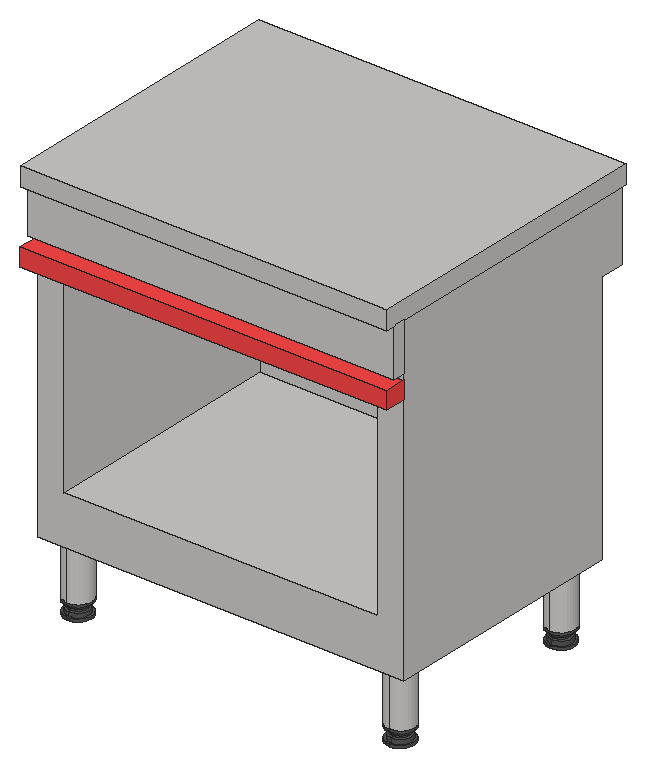
Revit family "ADB Storage cabinet CMA 800 P", category Equipement spécialisé, Revit 2022
Family settings
  Cote de connecteur circulaire = Utiliser le diamètre
  Type d'élément = Normal
  Numéro OmniClass = 23.40.40.14.17.11
  Titre OmniClass = Cookers, Ovens, Stoves
  Basée sur le plan de construction = Non
  Toujours verticalement = Oui
  Couper avec des vides une fois chargée = Non
  Conserver l'orientation des annotations = Non
  Partagée = Non
  Repère de localisation dans la pièce = Non
Parameters (values of type "CMA 800 P")
  URL Cutsheet = "https://www.ambassade-de-bourgogne.com/fr/produits/armoires/Resources/N27-CMA_800_P.pdf"
  URL = "https://www.ambassade-de-bourgogne.com/fr/produits/armoires/Resources/N27-CMA_800_P.pdf"
  Item Number = ""
  Specification by Manufacturer = ""
  Depth [instance] = 652 mm + if([Wall-spacer DSA 800], 50 mm, 0 mm) + if(Door Option CPM 800, 53 mm, 0 mm)  # 652 mm
  Door Option CPM 800 [instance] = no
  Weight [instance] = 69.00 kg + if([Wall-spacer DSA 800], 1.00 kg, 0.00 kg) + if(Door Option CPM 800, 10.00 kg, 0.00 kg)  # 69.00 kg
  Modèle = "CMA 800 P"
  Length [instance] = 800 mm  # constant formula
  Height [instance] = 900 mm + if([Wall-spacer DSA 800], 100 mm, 0 mm)  # 900 mm
  Fabricant = "Société Industrielle de Lacanche"  # constant formula
  Elévation par défaut = 0 mm
  Shelves ECH 808 [instance] = no
  Shelves ECH 804 [instance] = no
  Wall-spacer DSA 800 [instance] = no
  Dosseret [instance] = if([Wall-spacer DSA 800], 50 mm, 0 mm)  # 0 mm
  Description = "Storage cabinet"
  Connectors [instance] = yes
  Commentaires du type = "Ambassade range - Cupboards - Storage cabinet"
Reference planes
  plane 1 "Centre (avant/arrière)": y = 0
  plane 2: z = 0
  plane 3 "Centre (gauche/droite)": x = 0
  plane 4 "gauche": x = -400
  plane 5 "droite": x = 400
  plane 6 "fond de meuble": y = 325
  plane 7 "avant": y = -325
  plane 8 "arrière": y = 325
  plane 9: z = 900
  plane 10: x = 350
  plane 11: z = 810
  plane 12: y = -327
Forms (mm)
  Extrusion 1, solid, detail levels coarse
    sketch origin (0, 0, 0) x (1, 0, 0) y (0, 1, 0)
      loop
        line (-400, 325.033) -> (-400, -327) -> (400, -327) -> (400, 325.033) -> (-400, 325.033)
    from 0 to 900 <- "Height"
Dimensions and locks
  equal spacing: plane 5 "droite", plane 3 "Centre (gauche/droite)", plane 4 "gauche"
  "Length": plane 5 "droite" to plane 4 "gauche"
  plane 6 "fond de meuble" to plane 7 "avant" = 650 mm
  locked: plane 7 "avant" to plane 1 "Centre (avant/arrière)" at 325
  "Dosseret": plane 8 "arrière" to plane 6 "fond de meuble"
  "Height": plane 9 to plane 2
  plane 10 to plane 5 "droite" = 50 mm
  plane 2 to plane 11 = 810 mm
  "Depth": plane 8 "arrière" to plane 12
  aligned and locked: level to plane 2
  aligned and locked: plane 3 "Centre (gauche/droite)" to nested 1
  aligned and locked: Extrusion 1 to plane 12
Automatic sketch dimensions
  Extrusion 1 sketch curve to plane 4 "gauche" = 0 mm
  Extrusion 1 sketch curve to plane 5 "droite" = 0 mm
  Extrusion 1 sketch curve to plane 7 "avant" = 2 mm
  plane 8 "arrière" to Extrusion 1 sketch curve = 0.033 mm
Nested families
  nested 1: "Soubassement armoire" at (0, 0, 0), Dosseret <- "Wall-spacer DSA 800", Porte <- "Door Option CPM 800", Ech 808 <- "Shelves ECH 808", Echelle 804 <- "Shelves ECH 804", type "1 armoire", detail levels medium+fine
    with Depth 703 mm, Door hinges inversion option no, Porte no, Length 800 mm, Height 900 mm, Encombrement Porte standard no, Encombrement Porte inversée no, Echelle côté no, Echelle 804 no, Ech 808 no, Décalage poignée 395.5 mm, Dosseret no
Definition of nested family "Soubassement armoire"
  Parameters (values of type "1 armoire")
    Profondeur produit = 650 mm
    Profondeur baie libre = if(Baie libre, Profondeur produit - 68 mm, 1 mm)  # 582 mm
    Door hinges inversion option [instance] = no
    Longueur poignée = 229 mm  # constant formula
    Encombrement Porte inversée [instance] = and(Porte, Door hinges inversion option)  # no
    Encombrement Porte standard [instance] = and(Porte, not(Door hinges inversion option))  # no
    Porte [instance] = no
    Depth [instance] = Profondeur produit + if(Dosseret, 50 mm, 0 mm) + 53 mm  # 703 mm
    Longueur produit = 800 mm
    Length [instance] = Longueur produit  # 800 mm
    Hauteur produit = 900 mm
    Height [instance] = Hauteur produit + if(Dosseret, 100 mm, 0 mm)  # 900 mm
    Default Elevation = 0 mm
    Echelle côté [instance] = or(Ech 808, Echelle 804)  # yes
    Echelle 804 [instance] = yes
    Ech 808 [instance] = no
    Décalage poignée [instance] = if(Door hinges inversion option, Length, 395.5 mm)  # 395.5 mm
    Dosseret [instance] = no
    Baie libre = yes
  Reference planes
    plane 1 "Centre (avant/arrière)": y = 0
    plane 2: z = 0
    plane 3 "Centre (gauche/droite)": x = 0
    plane 4 "Gauche": x = -400
    plane 5 "Arrière": y = 325
    plane 6 "Droite": x = 400
    plane 7 "Avant": y = -325
    plane 8 "dessous meuble": z = 155
    plane 9 "Dessus de plan": z = 900
    plane 10 "Baguette coloré": z = 696
    plane 11 "dessous plan": z = 860
    plane 12 "Face": y = -280
    plane 13 "commande": z = 755
    plane 14 "dessus dosseret": z = 900
    plane 15: y = -377.967
    plane 16: y = 325.033
    plane 17 "Baguette colorë": y = -780
    plane 18: x = -4.5
    plane 19: x = -343.25
    plane 20: x = 343.25
  Forms (mm)
    Extrusion 1, solid, visible <- "Porte", detail levels medium+fine
      sketch origin (-400, 0, 0) x (0, 1, 0) y (0, 0, 1)
        loop
          line (-325, 155) -> (-280, 155) -> (-280, 696) -> (-325, 696) -> (-325, 155)
      from 0 to 800 <- "Length"
    Extrusion 2, solid, detail levels medium+fine
      sketch origin (-400, 0, 0) x (0, 1, 0) y (0, 0, 1)
        loop
          line (-280, 742.5) -> (-327, 742.5) -> (-327, 705) -> (-280, 705) -> (-280, 742.5)
      from 0 to 800 <- "Length"
    Extrusion 3, solid, detail levels medium+fine
      sketch origin (-400, 0, 0) x (0, 1, 0) y (0, 0, 1)
        loop
          line (325, 900) -> (-325, 900) -> (-325, 860) -> (325, 860) -> (325, 900)
      from 0 to 800 <- "Length"
    Extrusion 4, void
      sketch origin (0, -325, 0) x (-1, 0, 0) y (0, 0, 1)
        loop
          line (343.25, 679) -> (-343.25, 679) -> (-343.25, 261.5) -> (343.25, 261.5) -> (343.25, 679)
      from 0 to 582 <- "Profondeur baie libre"
    Extrusion 5, solid, detail levels medium+fine
      sketch origin (-400, 0, 0) x (0, 1, 0) y (0, 0, 1)
        loop
          line (-280, 860) -> (-306, 860) -> (-306, 755) -> (-280, 755) -> (-280, 860)
      from 0 to 800 <- "Length"
    Extrusion 6, solid, detail levels medium+fine
      sketch origin (-400, 0, 0) x (0, 1, 0) y (0, 0, 1)
        loop
          line (315, 860) -> (-280, 860) -> (-280, 155) -> (260, 155) -> (260, 707) -> (315, 707) -> (315, 860)
      from 0 to 800 <- "Length"
    Revolve 7, solid, detail levels medium+fine
      sketch origin (351.965, 0, 0) x (0, 1, 0) y (0, 0, -1)
        loop
          line (-258.968, -155) -> (-229, -155) -> (-229, 0) -> (-258.492, 0) -> (-258.492, -5) -> (-253.001, -5) -> (-253.001, -13.586) -> (-248.857, -16.488) -> (-248.857, -22) -> (-252.82, -22) -> (-258.968, -28.148) -> (-258.968, -34) -> (-258.968, -155)
        axis (-229, 0) -> (-229, -155)
      angle from 0 to 360
    Revolve 8, solid, detail levels medium+fine
      sketch origin (-351.965, 0, 0) x (0, 1, 0) y (0, 0, 1)
        loop
          line (-258.968, 155) -> (-258.968, 34) -> (-258.968, 28.148) -> (-252.82, 22) -> (-248.857, 22) -> (-248.857, 16.488) -> (-253.001, 13.586) -> (-253.001, 5) -> (-258.492, 5) -> (-258.492, 0) -> (-229, 0) -> (-229, 155) -> (-258.968, 155)
        axis (-229, 0) -> (-229, 155)
      angle from 0 to 360
    Revolve 9, solid, detail levels medium+fine
      sketch origin (-351.965, -20, 0) x (0, -1, 0) y (0, 0, -1)
        loop
          line (-258.968, -155) -> (-229, -155) -> (-229, 0) -> (-258.492, 0) -> (-258.492, -5) -> (-253.001, -5) -> (-253.001, -13.586) -> (-248.857, -16.488) -> (-248.857, -22) -> (-252.82, -22) -> (-258.968, -28.148) -> (-258.968, -34) -> (-258.968, -155)
        axis (-229, 0) -> (-229, -155)
      angle from 0 to 360
    Extrusion 10, solid, visible <- "Dosseret", detail levels medium+fine
      sketch origin (-400, 0, 0) x (0, 1, 0) y (0, 0, 1)
        loop
          line (375.033, 1000) -> (325, 1000) -> (325, 860) -> (375.033, 860) -> (375.033, 1000)
      from 0 to 800 <- "Length"
    Revolve 11, solid, detail levels medium+fine
      sketch origin (351.965, -20, 0) x (0, -1, 0) y (0, 0, 1)
        loop
          line (-258.968, 155) -> (-258.968, 34) -> (-258.968, 28.148) -> (-252.82, 22) -> (-248.857, 22) -> (-248.857, 16.488) -> (-253.001, 13.586) -> (-253.001, 5) -> (-258.492, 5) -> (-258.492, 0) -> (-229, 0) -> (-229, 155) -> (-258.968, 155)
        axis (-229, 0) -> (-229, 155)
      angle from 0 to 360
    Extrusion 12, void
      sketch origin (0, 0, 900) x (0, -1, 0) y (1, 0, 0)
        loop
          line (-307.033, -366.567) -> (-293.033, -366.567) -> (-293.033, 366.464) -> (-307.033, 366.464) -> (-307.033, -366.567)
      from 0 to -0.8
    Extrusion 13, solid, detail levels medium+fine
      sketch origin (-400, 260, 155) x (0, 0, 1) y (1, 0, 0)
        loop
          line (65, 654) -> (65, 146) -> (552, 146) -> (552, 654) -> (65, 654)
      from 0 to 35
    Extrusion 14, solid, visible <- "Echelle côté", detail levels medium+fine
      sketch origin (22.75, 0, 0) x (1, 0, 0) y (0, 0, 1)
        loop
          line (-366, 648.8) -> (-366, 623.8) -> (-356.5, 623.8) -> (-356.5, 625) -> (-364.8, 625) -> (-364.8, 647.6) -> (-348, 647.6) -> (-348, 648.8) -> (-366, 648.8)
        loop
          line (-366, 548.8) -> (-366, 523.8) -> (-356.5, 523.8) -> (-356.5, 525) -> (-364.8, 525) -> (-364.8, 547.6) -> (-348, 547.6) -> (-348, 548.8) -> (-366, 548.8)
        loop
          line (-366, 448.8) -> (-366, 423.8) -> (-356.5, 423.8) -> (-356.5, 425) -> (-364.8, 425) -> (-364.8, 447.6) -> (-348, 447.6) -> (-348, 448.8) -> (-366, 448.8)
        loop
          line (-366, 348.8) -> (-366, 323.8) -> (-356.5, 323.8) -> (-356.5, 325) -> (-364.8, 325) -> (-364.8, 347.6) -> (-348, 347.6) -> (-348, 348.8) -> (-366, 348.8)
      from -113.466 to 206.5
    Extrusion 15, solid, visible <- "Echelle côté", detail levels medium+fine
      sketch origin (-22.75, 0, 0) x (-1, 0, 0) y (0, 0, -1)
        loop
          line (-366, -648.8) -> (-348, -648.8) -> (-348, -647.6) -> (-364.8, -647.6) -> (-364.8, -625) -> (-356.5, -625) -> (-356.5, -623.8) -> (-366, -623.8) -> (-366, -648.8)
        loop
          line (-366, -548.8) -> (-348, -548.8) -> (-348, -547.6) -> (-364.8, -547.6) -> (-364.8, -525) -> (-356.5, -525) -> (-356.5, -523.8) -> (-366, -523.8) -> (-366, -548.8)
        loop
          line (-366, -448.8) -> (-348, -448.8) -> (-348, -447.6) -> (-364.8, -447.6) -> (-364.8, -425) -> (-356.5, -425) -> (-356.5, -423.8) -> (-366, -423.8) -> (-366, -448.8)
        loop
          line (-366, -348.8) -> (-348, -348.8) -> (-348, -347.6) -> (-364.8, -347.6) -> (-364.8, -325) -> (-356.5, -325) -> (-356.5, -323.8) -> (-366, -323.8) -> (-366, -348.8)
      from -113.466 to 206.5
    Extrusion 16, solid, visible <- "Ech 808", detail levels medium+fine
      sketch origin (-400, -327, 742.5) x (0, 0, -1) y (1, 0, 0)
        loop
          line (63.5, 385.5) -> (481, 385.5) -> (481, 414.5) -> (63.5, 414.5) -> (63.5, 385.5)
      from -67 to -47
    Extrusion 17, solid, visible <- "Ech 808", detail levels medium+fine
      sketch origin (-380.9, 0, 0) x (-1, 0, 0) y (0, 0, -1)
        loop
          line (-366, -648.8) -> (-348, -648.8) -> (-348, -647.6) -> (-364.8, -647.6) -> (-364.8, -625) -> (-356.5, -625) -> (-356.5, -623.8) -> (-366, -623.8) -> (-366, -648.8)
        loop
          line (-366, -548.8) -> (-348, -548.8) -> (-348, -547.6) -> (-364.8, -547.6) -> (-364.8, -525) -> (-356.5, -525) -> (-356.5, -523.8) -> (-366, -523.8) -> (-366, -548.8)
        loop
          line (-366, -448.8) -> (-348, -448.8) -> (-348, -447.6) -> (-364.8, -447.6) -> (-364.8, -425) -> (-356.5, -425) -> (-356.5, -423.8) -> (-366, -423.8) -> (-366, -448.8)
        loop
          line (-366, -348.8) -> (-348, -348.8) -> (-348, -347.6) -> (-364.8, -347.6) -> (-364.8, -325) -> (-356.5, -325) -> (-356.5, -323.8) -> (-366, -323.8) -> (-366, -348.8)
      from -237 to 260
    Extrusion 18, solid, visible <- "Ech 808", detail levels medium+fine
      sketch origin (380.9, 0, 0) x (1, 0, 0) y (0, 0, 1)
        loop
          line (-366, 648.8) -> (-366, 623.8) -> (-356.5, 623.8) -> (-356.5, 625) -> (-364.8, 625) -> (-364.8, 647.6) -> (-348, 647.6) -> (-348, 648.8) -> (-366, 648.8)
        loop
          line (-366, 548.8) -> (-366, 523.8) -> (-356.5, 523.8) -> (-356.5, 525) -> (-364.8, 525) -> (-364.8, 547.6) -> (-348, 547.6) -> (-348, 548.8) -> (-366, 548.8)
        loop
          line (-366, 448.8) -> (-366, 423.8) -> (-356.5, 423.8) -> (-356.5, 425) -> (-364.8, 425) -> (-364.8, 447.6) -> (-348, 447.6) -> (-348, 448.8) -> (-366, 448.8)
        loop
          line (-366, 348.8) -> (-366, 323.8) -> (-356.5, 323.8) -> (-356.5, 325) -> (-364.8, 325) -> (-364.8, 347.6) -> (-348, 347.6) -> (-348, 348.8) -> (-366, 348.8)
      from -237 to 260
    Extrusion 19, solid, visible <- "Ech 808", detail levels medium+fine
      sketch origin (-400, 190, 742.5) x (0, 0, -1) y (1, 0, 0)
        loop
          line (63.5, 385.5) -> (481, 385.5) -> (481, 414.5) -> (63.5, 414.5) -> (63.5, 385.5)
      from -67 to -47
  Cuts and joins
    Extrusion 12 cuts Extrusion 10
    Extrusion 4 cuts Extrusion 6
  Lines and regions (mm)
    symbolic lines, visible <- "Porte"
      curve 1: line (400, -280, 155) -> (400, -680, 155)
      curve 2: line (-400, -280, 155) -> (-400, -680, 155)
      curve 3: arc (0, -280, 155) -> (-117.157, -562.843, 155) -> (-400, -680, 155) r 400
      curve 4: arc (0, -280, 155) -> (117.157, -562.843, 155) -> (400, -680, 155) r 400
    model lines, visible <- "Porte"
      curve 5: line (0, -325, 705) -> (0, -325, 155)
  Dimensions and locks
    equal spacing: plane 7 "Avant", plane 1 "Centre (avant/arrière)", plane 5 "Arrière"
    "Profondeur produit": plane 5 "Arrière" to plane 7 "Avant"
    equal spacing: plane 4 "Gauche", plane 3 "Centre (gauche/droite)", plane 6 "Droite"
    "Longueur produit": plane 4 "Gauche" to plane 6 "Droite"
    "Hauteur produit": plane 9 "Dessus de plan" to plane 2
    locked: plane 8 "dessous meuble" to plane 2 at 155
    locked: plane 9 "Dessus de plan" to plane 11 "dessous plan" at 40
    locked: plane 7 "Avant" to plane 12 "Face" at 45
    locked: plane 13 "commande" to plane 10 "Baguette coloré" at 59
    locked: plane 11 "dessous plan" to plane 13 "commande" at 105
    Extrusion 4 sketch curve to plane 8 "dessous meuble" = 106.5 mm
    Extrusion 4 sketch curve to plane 6 "Droite" = 56.75 mm
    Extrusion 4 sketch curve to plane 4 "Gauche" = 56.75 mm
    plane 10 "Baguette coloré" to Extrusion 4 sketch curve = 17 mm
    "Height": plane 14 "dessus dosseret" to plane 2
    locked: plane 7 "Avant" to plane 15 at 52.967
    "Depth": plane 15 to plane 16
    equal spacing: Extrusion 13 sketch curve, plane 3 "Centre (gauche/droite)", Extrusion 13 sketch curve
    "Décalage poignée": plane 18 to plane 4 "Gauche"
    locked: plane 4 "Gauche" to Revolve 9 at 18.067
    locked: Revolve 11 to plane 6 "Droite" at 18.067
    locked: Revolve 7 to plane 6 "Droite" at 18.067
    locked: plane 4 "Gauche" to Revolve 8 at 18.067
    locked: Revolve 8 to plane 12 "Face" at 21.032
    locked: Revolve 7 to plane 12 "Face" at 21.032
    locked: plane 5 "Arrière" to Extrusion 10 sketch curve at 50.033
    plane 16 to Extrusion 12 sketch curve to Extrusion 12 sketch curve = 18 mm locked, 14 mm locked
    aligned and locked: level to plane 2
    aligned and locked: plane 18 to nested 1
    aligned and locked: Extrusion 18 sketch curve to Extrusion 18 sketch curve
  Automatic sketch dimensions
    Extrusion 1 sketch curve to plane 7 "Avant" = 0 mm
    Extrusion 1 sketch curve to plane 10 "Baguette coloré" = 0 mm
    Extrusion 1 sketch curve to plane 12 "Face" = 0 mm
    Extrusion 1 sketch curve to plane 8 "dessous meuble" = 0 mm
    Extrusion 2 sketch curve to plane 12 "Face" = 0 mm
    Extrusion 2 sketch curve to plane 7 "Avant" = 2 mm
    plane 10 "Baguette coloré" to Extrusion 2 sketch curve = 9 mm
    Extrusion 2 sketch curve to plane 13 "commande" = 12.5 mm
    Extrusion 3 sketch curve to plane 7 "Avant" = 0 mm
    Extrusion 3 sketch curve to plane 5 "Arrière" = 0 mm
    Extrusion 3 sketch curve to plane 11 "dessous plan" = 0 mm
    Extrusion 3 sketch curve to plane 9 "Dessus de plan" = 0 mm
    Extrusion 5 sketch curve to plane 11 "dessous plan" = 0 mm
    Extrusion 5 sketch curve to plane 13 "commande" = 0 mm
    Extrusion 5 sketch curve to plane 12 "Face" = 0 mm
    plane 7 "Avant" to Extrusion 5 sketch curve = 19 mm
    Extrusion 6 sketch curve to plane 11 "dessous plan" = 0 mm
    Extrusion 6 sketch curve to plane 12 "Face" = 0 mm
    Extrusion 6 sketch curve to plane 8 "dessous meuble" = 0 mm
    Extrusion 6 sketch curve to plane 5 "Arrière" = 65 mm
    Extrusion 6 sketch curve to plane 5 "Arrière" = 10 mm
    plane 10 "Baguette coloré" to Extrusion 6 sketch curve = 11 mm
    Revolve 7 sketch curve to plane 8 "dessous meuble" = 0 mm
    Revolve 7 sketch curve to level = 0 mm
    plane 12 "Face" to Revolve 7 sketch curve = 21.032 mm
    plane 12 "Face" to Revolve 7 sketch curve = 21.508 mm
    Revolve 7 sketch curve to Revolve 7 sketch curve = 5.491 mm
    Revolve 7 sketch curve to Revolve 7 sketch curve = 0.181 mm
    Revolve 7 sketch curve to Revolve 7 sketch curve = 3.964 mm
    Revolve 7 sketch curve to Revolve 7 sketch curve = 24.001 mm
    level to Revolve 7 sketch curve = 34 mm
    Revolve 7 sketch curve to Revolve 7 sketch curve = 5.852 mm
    Revolve 7 sketch curve to Revolve 7 sketch curve = 6.148 mm
    Revolve 7 sketch curve to Revolve 7 sketch curve = 5.512 mm
    Revolve 7 sketch curve to Revolve 7 sketch curve = 2.902 mm
    level to Revolve 7 sketch curve = 5 mm
    Revolve 7 sketch curve to Revolve 7 sketch curve = 0 mm
    plane 8 "dessous meuble" to Revolve 7 sketch curve = 19 mm
    Revolve 7 sketch curve to Revolve 7 sketch curve = 12 mm
    Revolve 8 sketch curve to plane 8 "dessous meuble" = 0 mm
    Revolve 8 sketch curve to level = 0 mm
    plane 12 "Face" to Revolve 8 sketch curve = 21.032 mm
    plane 12 "Face" to Revolve 8 sketch curve = 21.508 mm
    Revolve 8 sketch curve to Revolve 8 sketch curve = 5.491 mm
    Revolve 8 sketch curve to Revolve 8 sketch curve = 0.181 mm
    Revolve 8 sketch curve to Revolve 8 sketch curve = 3.964 mm
    Revolve 8 sketch curve to Revolve 8 sketch curve = 24.001 mm
    level to Revolve 8 sketch curve = 5 mm
    Revolve 8 sketch curve to Revolve 8 sketch curve = 8.586 mm
    Revolve 8 sketch curve to Revolve 8 sketch curve = 2.902 mm
    Revolve 8 sketch curve to Revolve 8 sketch curve = 5.512 mm
    Revolve 8 sketch curve to Revolve 8 sketch curve = 6.148 mm
    Revolve 8 sketch curve to Revolve 8 sketch curve = 5.852 mm
    Revolve 8 sketch curve to Revolve 8 sketch curve = 0 mm
    Revolve 8 sketch curve to Revolve 8 sketch curve = 12 mm
    plane 8 "dessous meuble" to Revolve 8 sketch curve = 19 mm
    Revolve 9 sketch curve to plane 8 "dessous meuble" = 0 mm
    Revolve 9 sketch curve to level = 0 mm
    level to Revolve 9 sketch curve = 28.148 mm
    Revolve 9 sketch curve to plane 5 "Arrière" = 86.032 mm
    Revolve 9 sketch curve to Revolve 9 sketch curve = 0.477 mm
    level to Revolve 9 sketch curve = 13.586 mm
    Revolve 9 sketch curve to Revolve 9 sketch curve = 5.491 mm
    Revolve 9 sketch curve to Revolve 9 sketch curve = 0.181 mm
    Revolve 9 sketch curve to Revolve 9 sketch curve = 3.964 mm
    Revolve 9 sketch curve to Revolve 9 sketch curve = 24.001 mm
    Revolve 9 sketch curve to Revolve 9 sketch curve = 5.852 mm
    Revolve 9 sketch curve to Revolve 9 sketch curve = 8.414 mm
    Revolve 9 sketch curve to Revolve 9 sketch curve = 2.902 mm
    level to Revolve 9 sketch curve = 5 mm
    Revolve 9 sketch curve to Revolve 9 sketch curve = 0 mm
    plane 8 "dessous meuble" to Revolve 9 sketch curve = 19 mm
    Revolve 9 sketch curve to Revolve 9 sketch curve = 12 mm
    Extrusion 10 sketch curve to plane 5 "Arrière" = 0 mm
    Extrusion 10 sketch curve to plane 11 "dessous plan" = 0 mm
    plane 9 "Dessus de plan" to Extrusion 10 sketch curve = 100 mm
    curve 1 to plane 6 "Droite" = 0 mm
    plane 6 "Droite" to curve 3 = 400 mm
    curve 3 to plane 4 "Gauche" = 0 mm
    plane 4 "Gauche" to curve 4 = 400 mm
    curve 1 to plane 12 "Face" = 0 mm
    curve 4 to plane 12 "Face" = 0 mm
    curve 2 to plane 12 "Face" = 0 mm
    curve 3 to plane 12 "Face" = 0 mm
    Revolve 11 sketch curve to plane 8 "dessous meuble" = 0 mm
    Revolve 11 sketch curve to level = 0 mm
    level to Revolve 11 sketch curve = 28.148 mm
    Revolve 11 sketch curve to plane 5 "Arrière" = 86.032 mm
    Revolve 11 sketch curve to Revolve 11 sketch curve = 0.477 mm
    level to Revolve 11 sketch curve = 13.586 mm
    Revolve 11 sketch curve to Revolve 11 sketch curve = 5.491 mm
    Revolve 11 sketch curve to Revolve 11 sketch curve = 0.181 mm
    Revolve 11 sketch curve to Revolve 11 sketch curve = 3.964 mm
    Revolve 11 sketch curve to Revolve 11 sketch curve = 24.001 mm
    level to Revolve 11 sketch curve = 5 mm
    Revolve 11 sketch curve to Revolve 11 sketch curve = 2.902 mm
    Revolve 11 sketch curve to Revolve 11 sketch curve = 5.512 mm
    Revolve 11 sketch curve to Revolve 11 sketch curve = 5.852 mm
    Revolve 11 sketch curve to Revolve 11 sketch curve = 0 mm
    Revolve 11 sketch curve to Revolve 11 sketch curve = 12 mm
    plane 8 "dessous meuble" to Revolve 11 sketch curve = 19 mm
    Extrusion 13 sketch curve to Extrusion 6 = 0 mm
    Extrusion 6 to Extrusion 13 sketch curve = 65 mm
    Extrusion 6 to Extrusion 13 sketch curve = 146 mm
    Extrusion 14 sketch curve to Extrusion 14 sketch curve = 8.3 mm  (x4)
    Extrusion 14 sketch curve to Extrusion 14 sketch curve = 16.8 mm  (x4)
    plane 8 "dessous meuble" to Extrusion 14 sketch curve = 168.8 mm
    Extrusion 14 sketch curve to Extrusion 14 sketch curve = 1.2 mm  (x12)
    Extrusion 14 sketch curve to Extrusion 14 sketch curve = 22.6 mm  (x4)
    Extrusion 14 sketch curve to Extrusion 14 sketch curve = 75 mm  (x2)
    Extrusion 14 sketch curve to plane 10 "Baguette coloré" = 72.2 mm
    Extrusion 15 sketch curve to Extrusion 15 sketch curve = 8.3 mm  (x4)
    Extrusion 15 sketch curve to Extrusion 15 sketch curve = 16.8 mm  (x4)
    Extrusion 15 sketch curve to plane 10 "Baguette coloré" = 47.2 mm
    Extrusion 15 sketch curve to Extrusion 15 sketch curve = 1.2 mm  (x12)
    Extrusion 15 sketch curve to Extrusion 15 sketch curve = 22.6 mm  (x4)
    Extrusion 15 sketch curve to Extrusion 15 sketch curve = 75 mm  (x3)
    curve 5 to plane 3 "Centre (gauche/droite)" = 0 mm
    curve 5 to plane 8 "dessous meuble" = 0 mm
    plane 10 "Baguette coloré" to curve 5 = 9 mm
    Extrusion 2 to Extrusion 16 sketch curve = 26 mm
    Extrusion 17 sketch curve to plane 3 "Centre (gauche/droite)" = 14.9 mm  (x4)
    Extrusion 17 sketch curve to plane 3 "Centre (gauche/droite)" = 16.1 mm  (x4)
    Extrusion 17 sketch curve to plane 18 = 19.9 mm  (x4)
    Extrusion 17 sketch curve to plane 18 = 28.4 mm  (x4)
    Extrusion 17 sketch curve to plane 10 "Baguette coloré" = 47.2 mm
    Extrusion 17 sketch curve to Extrusion 17 sketch curve = 1.2 mm  (x8)
    Extrusion 17 sketch curve to Extrusion 17 sketch curve = 22.6 mm  (x4)
    Extrusion 17 sketch curve to Extrusion 17 sketch curve = 75 mm  (x3)
    plane 3 "Centre (gauche/droite)" to Extrusion 18 sketch curve = 14.9 mm  (x4)
    plane 3 "Centre (gauche/droite)" to Extrusion 18 sketch curve = 16.1 mm  (x4)
    Extrusion 18 sketch curve to Extrusion 18 sketch curve = 8.3 mm  (x4)
    Extrusion 18 sketch curve to Extrusion 18 sketch curve = 16.8 mm  (x3)
    plane 8 "dessous meuble" to Extrusion 18 sketch curve = 168.8 mm
    Extrusion 18 sketch curve to Extrusion 18 sketch curve = 1.2 mm  (x8)
    Extrusion 18 sketch curve to Extrusion 18 sketch curve = 22.6 mm  (x4)
    Extrusion 18 sketch curve to Extrusion 18 sketch curve = 75 mm  (x2)
    Extrusion 18 sketch curve to plane 10 "Baguette coloré" = 72.2 mm
    Extrusion 16 sketch curve to Extrusion 16 sketch curve = 417.5 mm
    Extrusion 16 sketch curve to Extrusion 16 sketch curve = 29 mm
    Extrusion 19 sketch curve to plane 10 "Baguette coloré" = 17 mm
    plane 8 "dessous meuble" to Extrusion 19 sketch curve = 106.5 mm
    plane 4 "Gauche" to Extrusion 12 sketch curve = 33.433 mm
    plane 4 "Gauche" to Extrusion 14 sketch curve = 56.75 mm  (x4)
    plane 6 "Droite" to Extrusion 12 sketch curve = 33.536 mm
    plane 6 "Droite" to Extrusion 15 sketch curve = 56.75 mm  (x4)
    Extrusion 2 to Extrusion 16 sketch curve = 385.5 mm
    Extrusion 19 sketch curve to plane 18 = 10 mm
    plane 3 "Centre (gauche/droite)" to Extrusion 19 sketch curve = 14.5 mm
  Nested families
    nested 1: "Poignée" at (-119, -325, 681.933) x (1, 0, 0) z (0, -1, 0), visible <- "Porte", Longueur <- "Longueur poignée", type "Poignée", detail levels fine
      with Longueur 229 mm
    nested 2: "Poignée" at (119, -325, 681.933) x (-1, 0, 0) z (0, -1, 0), visible <- "Porte", Longueur <- "Longueur poignée", type "Poignée", detail levels fine
      with Longueur 229 mm
  Definition of nested family "Poignée"
    Parameters (values of type "Poignée")
      Longueur [instance] = 800 mm
      Default Elevation = 1219.2 mm
    Reference planes
      plane 1 "Centre (avant/arrière)": y = 0
      plane 2: z = 0
      plane 3 "Centre (gauche/droite)": x = 0
      plane 4: x = -400
      plane 5: x = 400
      plane 6: x = -395
      plane 7: x = 395
    Forms (mm)
      Extrusion 1, solid
        sketch origin (0, 0, 0) x (1, 0, 0) y (0, 1, 0)
          loop
            line (-1219.2, 1219.2) -> (-1219.2, -1219.2) -> (1219.2, -1219.2) -> (1219.2, 1219.2) -> (-1219.2, 1219.2)
        from 0 to -304.8
      Extrusion 2, solid
        sketch origin (0, 0, 0) x (0, 1, 0) y (0, 0, 1)
          loop
            circle (0, 38.995) r 13.972
        from -395 to 395
      Extrusion 3, solid
        sketch origin (0, 0, 0) x (1, 0, 0) y (0, 1, 0)
          loop
            circle (-363.542, 0) r 8.5
          loop
            circle (363.453, 0) r 8.5
        from 0 to 37.089
    Cuts and joins
      joined: Extrusion 2, Extrusion 3
    Dimensions and locks
      equal spacing: plane 4, plane 3 "Centre (gauche/droite)", plane 5
      "Longueur": plane 4 to plane 5
      locked: plane 4 to plane 6 at 5
      locked: plane 7 to plane 5 at 5
      locked: plane 6 to Extrusion 3 sketch curve at 31.458
      locked: Extrusion 3 sketch curve to plane 7 at 31.547
      aligned and locked: plane 2 to Extrusion 1
      aligned and locked: level to Extrusion 1
      aligned and locked: plane 6 to Extrusion 2
      aligned and locked: Extrusion 2 to plane 7
      aligned and locked: plane 1 "Centre (avant/arrière)" to Extrusion 3 sketch curve
    Automatic sketch dimensions
      Extrusion 1 sketch curve to Extrusion 1 sketch curve = 2438.4 mm  (x2)
      Extrusion 2 sketch curve to plane 1 "Centre (avant/arrière)" = 0 mm
      level to Extrusion 2 sketch curve = 38.995 mm
      plane 1 "Centre (avant/arrière)" to Extrusion 3 sketch curve = 0 mm
      radius of Extrusion 2 sketch curve = 13.972 mm
      radius of Extrusion 3 sketch curve = 8.5 mm  (x2)
